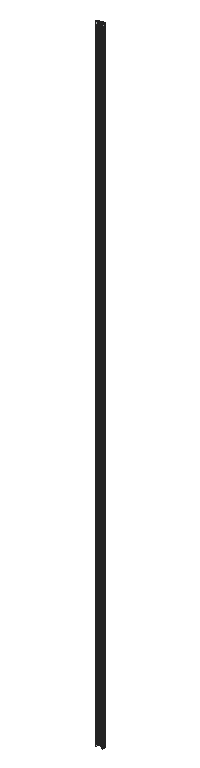
Revit family "スリムコーナー", category 機械設備, Revit 2020
Family settings
  丸型コネクタ寸法 = 直径を使用
  種別 = なし
  パーツ タイプ = 標準
  作業面ベース = いいえ
  常に垂直 = はい
  ロード時にボイドで切り取り = いいえ
  共有 = いいえ
  部屋計算ポイント = いいえ
Parameters
  製造元 = "株式会社桐井製作所"
  既定の高さ = 0 mm
  URL = "https://www.kirii.co.jp/"
  K_長さ(mm) [instance] = 3000 mm
  K_外形寸法(mm) = "W38×H12×0.6"
  K_品名 = "スリムコーナー"
  K_名称 = "カビノン工法部材"
  K_バージョン情報 = "20211012"
Reference planes
  plane 1 "中心(正面/背面)": y = 0
  plane 2: z = 0
  plane 3 "中心(左/右)": x = 0
  plane 4: z = 3000
Forms (mm)
  Extrusion 1, solid
    sketch origin (0, -12, 0) x (0, 1, 0) y (-1, 0, 0)
      loop
        line (12, 5.5) -> (11.2, 7) -> (11.2, 10) -> (12, 11.5) -> (12, 17.4)
        arc (12, 17.4) -> (11.414, 18.638) -> (10.086, 18.969) r 1.6
        line (10.086, 18.969) -> (6.491, 18.249)
        arc (6.491, 18.249) -> (6, 18.2) -> (5.509, 18.249) r 2.5
        line (5.509, 18.249) -> (1.914, 18.969)
        arc (1.914, 18.969) -> (0.586, 18.638) -> (0, 17.4) r 1.6
        line (0, 17.4) -> (0, 14) -> (0.6, 13.4) -> (0.6, 17.4)
        arc (0.6, 17.4) -> (0.966, 18.174) -> (1.796, 18.381) r 1
        line (1.796, 18.381) -> (5.391, 17.661)
        arc (5.391, 17.661) -> (6, 17.6) -> (6.609, 17.661) r 3.1
        line (6.609, 17.661) -> (10.204, 18.381)
        arc (10.204, 18.381) -> (11.034, 18.174) -> (11.4, 17.4) r 1
        line (11.4, 17.4) -> (11.4, 11.65) -> (10.6, 10.15) -> (10.6, 6.85) -> (11.4, 5.35) -> (11.4, 0) -> (11.4, -5.35) -> (10.6, -6.85) -> (10.6, -10.15) -> (11.4, -11.65) -> (11.4, -17.4)
        arc (11.4, -17.4) -> (11.034, -18.173) -> (10.204, -18.38) r 1
        line (10.204, -18.38) -> (6.609, -17.66)
        arc (6.609, -17.66) -> (6, -17.6) -> (5.391, -17.66) r 3.1
        line (5.391, -17.66) -> (1.796, -18.38)
        arc (1.796, -18.38) -> (0.966, -18.173) -> (0.6, -17.4) r 1
        line (0.6, -17.4) -> (0.6, -13.4) -> (0, -14) -> (0, -17.4)
        arc (0, -17.4) -> (0.586, -18.637) -> (1.914, -18.968) r 1.6
        line (1.914, -18.968) -> (5.509, -18.248)
        arc (5.509, -18.248) -> (6, -18.2) -> (6.491, -18.248) r 2.5
        line (6.491, -18.248) -> (10.086, -18.968)
        arc (10.086, -18.968) -> (11.414, -18.637) -> (12, -17.4) r 1.6
        line (12, -17.4) -> (12, -11.5) -> (11.2, -10) -> (11.2, -7) -> (12, -5.5) -> (12, 0) -> (12, 5.5)
    from 0 to 3000
Dimensions and locks
  "K_長さ(mm)": plane 4 to plane 2
  aligned and locked: level to plane 2
  aligned and locked: plane 4 to Extrusion 1
  aligned and locked: Extrusion 1 to plane 4
Automatic sketch dimensions
  Extrusion 1 sketch curve to Extrusion 1 sketch curve = 0 mm  (x12)
  Extrusion 1 sketch curve to plane 3 "中心(左/右)" = 0 mm  (x2)
  plane 1 "中心(正面/背面)" to Extrusion 1 sketch curve = 0 mm  (x3)
  plane 1 "中心(正面/背面)" to Extrusion 1 sketch curve = 0.6 mm  (x3)
  plane 1 "中心(正面/背面)" to Extrusion 1 sketch curve = 0.8 mm  (x2)
  Extrusion 1 sketch curve to Extrusion 1 sketch curve = 0.6 mm  (x6)
  Extrusion 1 sketch curve to Extrusion 1 sketch curve = 1 mm  (x4)
  Extrusion 1 sketch curve to Extrusion 1 sketch curve = 0.196 mm  (x4)
  Extrusion 1 sketch curve to Extrusion 1 sketch curve = 0.118 mm  (x8)
  Extrusion 1 sketch curve to Extrusion 1 sketch curve = 3.595 mm  (x4)
  Extrusion 1 sketch curve to Extrusion 1 sketch curve = 0.491 mm  (x2)
  Extrusion 1 sketch curve to Extrusion 1 sketch curve = 0.982 mm  (x2)
  Extrusion 1 sketch curve to Extrusion 1 sketch curve = 5.35 mm
  Extrusion 1 sketch curve to Extrusion 1 sketch curve = 0.15 mm  (x8)
  Extrusion 1 sketch curve to Extrusion 1 sketch curve = 1.5 mm  (x4)
  Extrusion 1 sketch curve to Extrusion 1 sketch curve = 3 mm  (x2)
  Extrusion 1 sketch curve to Extrusion 1 sketch curve = 3.25 mm
  Extrusion 1 sketch curve to Extrusion 1 sketch curve = 3.4 mm  (x2)
  Extrusion 1 sketch curve to Extrusion 1 sketch curve = 5.75 mm  (x2)
  Extrusion 1 sketch curve to Extrusion 1 sketch curve = 0.72 mm  (x2)
  Extrusion 1 sketch curve to Extrusion 1 sketch curve = 0.588 mm  (x2)
  Extrusion 1 sketch curve to Extrusion 1 sketch curve = 2.451 mm  (x2)
  Extrusion 1 sketch curve to plane 3 "中心(左/右)" = 5.35 mm
  Extrusion 1 sketch curve to Extrusion 1 sketch curve = 3.85 mm
